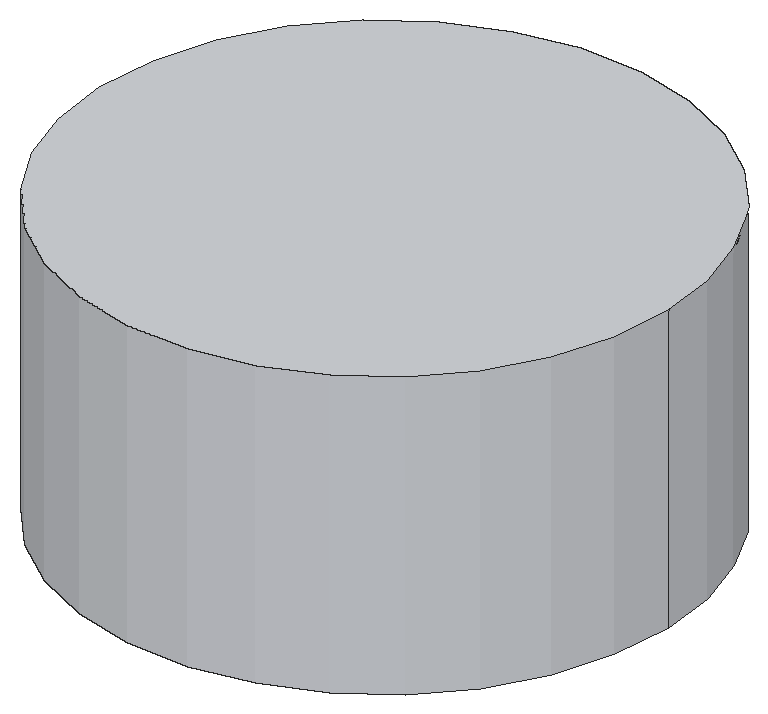
Revit family "10991200", category Specialty Equipment, Revit 2020
Family settings
  Round Connector Dimension = Use Diameter
  Part Type = Normal
  OmniClass Number = 23.40.40.14
  OmniClass Title = Food Service Equipment
  Work Plane-Based = No
  Always vertical = Yes
  Cut with Voids When Loaded = No
  Shared = No
  Room Calculation Point = No
Parameters (values of type "Standard")
  URL = "https://www.rustfriebergh.no/produkter/serveringsdisker/displaymonter-rbdm/"
  Model = "10991200"
  Manufacturer = "Rustfrie Bergh AS"
  Description = "Displaymonter RBDM 1200-2 plan"
  Default Elevation = 0 mm
Reference planes
  plane 1 "Center (Front/Back)": y = 0
  plane 2: z = 0
  plane 3 "Center (Left/Right)": x = 0
Forms (mm)
  Extrusion 1, solid
    sketch origin (390, 240, 48.5) x (0, 1, 0) y (1, 0, 0)
      loop
        circle (0, 0) r 3.048
    from 0 to -3.048
Dimensions and locks
  aligned and locked: level to plane 2
Connectors
  electrical at (390, 240, 48.5)
    settings: on Extrusion 1, index 1, voltage 230 V, apparent load 0 VA, apparent load phase1 0 VA, apparent load phase2 0 VA, apparent load phase3 0 VA, power factor 0, load classification "Other", number of poles 1, system type 30, power factor state 1, is connector primary yes, connector utility no, sub classification motor no, connector description "Strømart 230V 50/60HZ 3,26A"
